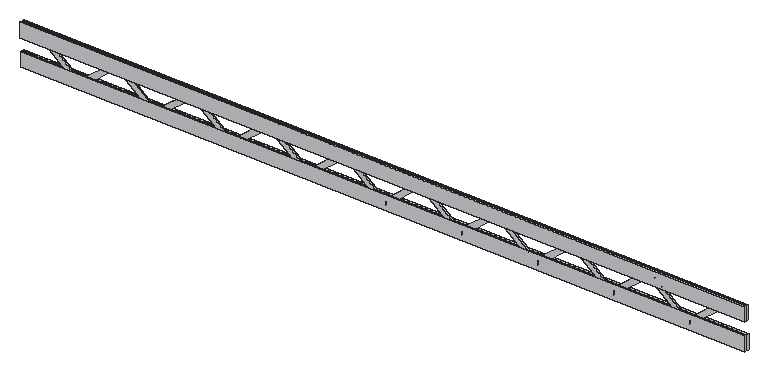
Revit family "bf637bfb5b394520b1abfd568e4736c1", category Structural Framing, Revit 2021
Family settings
  Structural Framing Length Roundoff = 0' - 0 1/16"
  Section Shape = Not Defined
  Material for Model Behavior = Wood
  Always export as geometry = Yes
  OmniClass Number = 23.25.30.21.14.17
  OmniClass Title = Metal-Web Wood Joists
  Seek Item ID = TJS Wood Open Web Joist-0000-USA-ENU
  Always vertical = Yes
  Cut with Voids When Loaded = No
  Symbolic Representation = From Family
  Shared = No
  Show family pre-cut in plan views = Yes
Parameters (values of type "16"")
  Web Thickness = 0' - 1"
  Web Leg = 0' - 2"
  Structural Material = none
  Spacing = 0' - 0 1/2"
  Web Rendering Material = none
  Start Offset [instance] = 0' - 0"
  Top Chord Start Extension [instance] = 0' - 0"
  PanelArrayLength [instance] = Length - (2 * End Panel)  # 22' - 8"
  Depth = 1' - 4"
  PanelWidth [instance] = PanelArrayLength / PanelArrayNum  # 2' - 6.22222"
  PanelArrayNum [instance] = PanelArrayLength / (2 * Depth)  # 9
  Offset Length 2 [instance] = End Panel - End Offset + Bottom Chord End Extension  # 0' - 8"
  Offset Length 1 [instance] = End Panel - Start Offset + Bottom Chord Start Extension  # 0' - 8"
  End Panel [instance] = 0' - 8"
  End Offset [instance] = 0' - 0"
  Top Chord End Extension [instance] = 0' - 0"
  Chord Width = 0' - 1 1/2"
  Chord Depth = 0' - 5 1/2"
  Bottom Chord Start Extension [instance] = 0' - 0"
  Bottom Chord End Extension [instance] = 0' - 0"
  Assembly Code = ""
  Length [instance] = 24' - 0"
Reference planes (in)
  plane 1 "Center (Front/Back)": y = 0
  plane 2: z = 0
  plane 3 "Center (Left/Right)": x = 20.67896
  plane 4 "Member Left": x = -91.52576
  plane 5 "Member Right": x = 140.1815
  plane 6: y = 0.75
  plane 7: y = -0.75
  plane 8: z = 8
  plane 9: z = -8
  plane 10 "Left": x = -123.32104
  plane 11 "Stick Symbol Left": x = -0.97458
  plane 12 "Stick Symbol Right": x = 48.05552
  plane 13 "Right": x = 164.67896
  plane 14: x = -115.32104
  plane 15: x = 156.67896
  plane 16: y = 0.25
  plane 17: y = -0.25
  plane 18: z = 2.5
  plane 19: z = -2.5
  plane 20: z = -7.75
  plane 21: z = 7.75
  plane 22: x = -123.32104
  plane 23: x = 164.67896
  plane 24: x = -123.32104
  plane 25: x = 164.67896
  plane 26: x = 126.45674
  plane 27: x = -123.32104
  plane 28: x = 164.67896
Forms (in)
  Extrusion 1, solid, material <- "Structural Material", detail levels medium+fine
    sketch origin (20.67896, 0, 0) x (0, 1, 0) y (0, 0, 1)
      loop
        line (0.75, 8) -> (0.25, 8) -> (0.25, 2.5) -> (0.75, 2.5) -> (0.75, 8)
      loop
        line (-0.75, 2.5) -> (-0.25, 2.5) -> (-0.25, 8) -> (-0.75, 8) -> (-0.75, 2.5)
    from -144 to 144
  Extrusion 2, solid, material <- "Structural Material", detail levels medium+fine
    sketch origin (20.67896, 0, 0) x (0, 1, 0) y (0, 0, 1)
      loop
        line (0.75, -2.5) -> (0.25, -2.5) -> (0.25, -8) -> (0.75, -8) -> (0.75, -2.5)
      loop
        line (-0.75, -8) -> (-0.25, -8) -> (-0.25, -2.5) -> (-0.75, -2.5) -> (-0.75, -8)
    from -144 to 144
Lines and regions (in)
  symbolic lines, style "StructuralFraming", detail levels coarse
    curve 1: line (0, 0.75, 8) -> (0, 0.25, 8)
    curve 2: line (0, -0.75, -8) -> (0, -0.25, -8)
    curve 14: line (0, 0.75, -8) -> (0, 0.75, -2.5)
    curve 15: line (0, -0.75, -8) -> (0, -0.75, -2.5)
    curve 16: line (0, -0.75, -2.5) -> (0, -0.25, -2.5)
    curve 17: line (0, 0.75, 2.5) -> (0, 0.75, 8)
    curve 18: line (0, -0.75, 2.5) -> (0, -0.75, 8)
    curve 19: line (0, -0.75, 2.5) -> (0, -0.25, 2.5)
    curve 20: line (20.67896, 0, -8) -> (20.67896, 0, 8)
    curve 22: line (0, -0.25, 8) -> (0, -0.75, 8)
    curve 23: line (0, 0.25, 2.5) -> (0, 0.75, 2.5)
    curve 24: line (0, 0.25, 2.5) -> (0, 0.25, 8)
    curve 25: line (0, -0.25, 2.5) -> (0, -0.25, 8)
    curve 26: line (0, 0.25, -2.5) -> (0, 0.75, -2.5)
    curve 27: line (0, 0.25, -8) -> (0, 0.75, -8)
    curve 28: line (0, 0.25, -8) -> (0, 0.25, -2.5)
    curve 29: line (0, -0.25, -8) -> (0, -0.25, -2.5)
  symbolic lines, style "StructuralFraming", detail levels medium
    curve 3: line (0, 0, -2.5) -> (0, 0, 2.5)
  reference lines
    curve 4: line (-0.97458, 0, -12.86251) -> (-0.97458, 0, 11.13749)
    curve 5: line (7.02542, 0, -13.11251) -> (7.02542, 0, 11.13749)
    curve 6: line (48.05552, 0, -10.77905) -> (48.05552, 0, 11.22095)
    curve 7: line (40.05552, 0, -15.77905) -> (40.05552, 0, 11.22095)
  model lines, style "Joist Girder", detail levels coarse
    curve 8: line (40.05552, 0, -8) -> (7.02542, 0, -8)
    curve 9: line (48.05552, 0, 8) -> (-0.97458, 0, 8)
  model lines, style "Web Joist", detail levels coarse
    curve 10: line (7.02542, 0, -8) -> (-0.97458, 0, 8)
    curve 11: line (40.05552, 0, -8) -> (48.05552, 0, 8)
  symbolic lines, detail levels fine
    curve 12: line (20.67896, 0.25, -2.5) -> (20.67896, 0.25, 2.5)
    curve 13: line (20.67896, -0.25, -2.5) -> (20.67896, -0.25, 2.5)
  symbolic lines, detail levels medium
    curve 21: line (20.67896, 0, 7.75) -> (20.67896, 0, -7.75)
Dimensions and locks (in)
  equal spacing: plane 9, plane 2, plane 8
  "Length": plane 10 "Left" to plane 13 "Right"
  equal spacing: plane 10 "Left", plane 3 "Center (Left/Right)", plane 13 "Right"
  "Top Chord Start Extension": curve 4 to plane 11 "Stick Symbol Left"
  "End Panel": curve 5 to curve 4
  "Top Chord End Extension": curve 6 to plane 12 "Stick Symbol Right"
  "End Panel": curve 6 to curve 7
  "Depth": plane 9 to plane 8
  "End Panel": plane 10 "Left" to plane 14
  "End Panel": plane 13 "Right" to plane 15
  "Spacing": plane 16 to plane 17
  equal spacing: plane 16, plane 1 "Center (Front/Back)", plane 17
  locked: plane 20 to plane 9 at 0.25
  locked: plane 8 to plane 21 at 0.25
  "Start Offset": plane 10 "Left" to plane 24
  "Top Chord Start Extension": plane 22 to plane 24
  "End Offset": plane 25 to plane 13 "Right"
  "Top Chord End Extension": plane 25 to plane 23
  "PanelWidth": plane 15 to plane 26
  equal spacing: group 1, group 3, group 4, group 5, group 6, group 7, group 8, group 9, group 2  (x3)
  "Offset Length 1": plane 14 to plane 27
  "Offset Length 2": plane 28 to plane 15
  "Chord Depth": plane 18 to plane 8
  "Chord Depth": plane 9 to plane 19
  "Chord Width": plane 6 to plane 7
  equal spacing: plane 6, plane 1 "Center (Front/Back)", plane 7
  aligned and locked: curve 8 to plane 9
  aligned and locked: curve 9 to plane 8
  aligned and locked: plane 11 "Stick Symbol Left" to curve 9
  aligned and locked: curve 5 to curve 8
  aligned and locked: curve 7 to curve 8
  aligned and locked: plane 12 "Stick Symbol Right" to curve 9
  aligned and locked: plane 22 to Extrusion 1
  aligned and locked: Extrusion 1 to plane 23
  aligned and locked: plane 1 "Center (Front/Back)" to nested 1
  aligned and locked: nested 1 to plane 14
  aligned and locked: plane 9 to nested 1
  aligned and locked: plane 26 to nested 2
  aligned and locked: plane 9 to nested 2
  aligned and locked: Extrusion 2 to plane 27
  aligned and locked: plane 28 to Extrusion 2
  aligned and locked: curve 14 to curve 26
  aligned and locked: curve 15 to curve 16
  aligned and locked: curve 16 to curve 14
  aligned and locked: curve 16 to plane 19
  aligned and locked: plane 6 to curve 14
  aligned and locked: plane 7 to curve 15
  aligned and locked: curve 15 to curve 2
  aligned and locked: curve 27 to curve 14
  aligned and locked: curve 19 to curve 17
  aligned and locked: curve 19 to plane 18
  aligned and locked: plane 6 to curve 17
  aligned and locked: plane 7 to curve 18
  aligned and locked: plane 7 to curve 22
  aligned and locked: curve 1 to curve 18
  aligned and locked: plane 19 to curve 12
  aligned and locked: plane 19 to curve 13
  aligned and locked: plane 18 to curve 12
  aligned and locked: plane 18 to curve 13
  aligned and locked: plane 2 to level
  aligned and locked: plane 8 to Extrusion 1 sketch curve  (x2)
  aligned and locked: Extrusion 1 sketch curve to plane 6
  aligned and locked: Extrusion 1 sketch curve to plane 18  (x2)
  aligned and locked: plane 7 to Extrusion 1 sketch curve
  aligned and locked: curve 14 to Extrusion 2 sketch curve
  aligned and locked: Extrusion 2 sketch curve to curve 26
  aligned and locked: Extrusion 2 sketch curve to curve 2
  aligned and locked: Extrusion 2 sketch curve to curve 15
  aligned and locked: plane 1 "Center (Front/Back)" to curve 20
  aligned and locked: plane 8 to curve 1
  aligned and locked: curve 21 to plane 1 "Center (Front/Back)"
  aligned and locked: plane 18 to curve 3
  aligned and locked: plane 19 to curve 3
  aligned and locked: Extrusion 1 sketch curve to plane 16
  aligned and locked: Extrusion 1 sketch curve to plane 17
  aligned and locked: plane 16 to Extrusion 2 sketch curve
  aligned and locked: plane 17 to Extrusion 2 sketch curve
  aligned and locked: plane 19 to Extrusion 2 sketch curve
  aligned and locked: Extrusion 2 sketch curve to plane 9
  aligned and locked: curve 1 to plane 16
  aligned and locked: plane 8 to curve 24
  aligned and locked: plane 18 to curve 24
  aligned and locked: curve 24 to plane 16
  aligned and locked: plane 8 to curve 25
  aligned and locked: plane 18 to curve 25
  aligned and locked: plane 17 to curve 19
  aligned and locked: curve 22 to plane 17
  aligned and locked: plane 8 to curve 20
  aligned and locked: plane 9 to curve 20
  aligned and locked: plane 16 to curve 27
  aligned and locked: plane 16 to curve 26
  aligned and locked: plane 17 to curve 2
  aligned and locked: plane 17 to curve 16
  aligned and locked: plane 19 to curve 28
  aligned and locked: plane 9 to curve 28
  aligned and locked: plane 19 to curve 29
  aligned and locked: plane 9 to curve 29
  aligned and locked: curve 28 to plane 16
  aligned and locked: curve 29 to plane 17
  aligned and locked: plane 21 to curve 21
  aligned and locked: plane 20 to curve 21
Automatic sketch dimensions
  plane 9 to curve 7 = 0' - 7.77905"
  plane 9 to curve 5 = 0' - 5.11251"
  plane 9 to curve 4 = 0' - 4.86251"
  plane 9 to curve 6 = 0' - 2.77905"
  curve 5 to plane 8 = 0' - 3.13749"
  curve 4 to plane 8 = 0' - 3.13749"
  curve 7 to plane 8 = 0' - 3.22095"
  curve 6 to plane 8 = 0' - 3.22095"
  plane 9 to curve 15 = 0' - 0"
  plane 9 to curve 14 = 0' - 0"
  curve 2 to plane 7 = 0' - 0"
  curve 13 to plane 17 = 0' - 0"
  curve 3 to plane 1 "Center (Front/Back)" = 0' - 0"
  curve 12 to plane 16 = 0' - 0"
  plane 9 to curve 27 = 0' - 0"
Nested families (in)
  nested 1: "Web" at (-115.32104, 0, 0), type "Web"
    with Web Thickness 0' - 0 1/2", Thickness 0' - 1", PanelHeight 1' - 4", PanelWidth 2' - 6.22222", Chord Offset 0' - 2 3/4", Chord Depth 0' - 5 1/2"
  nested 2: "Web" at (126.45674, 0, 0), type "Web"
    with Web Thickness 0' - 0 1/2", Thickness 0' - 1", PanelHeight 1' - 4", PanelWidth 2' - 6.22222", Chord Offset 0' - 2 3/4", Chord Depth 0' - 5 1/2"
  nested 3: "Web" at (-85.09882, 0, 0), type "Web"
    with Web Thickness 0' - 0 1/2", Thickness 0' - 1", PanelHeight 1' - 4", PanelWidth 2' - 6.22222", Chord Offset 0' - 2 3/4", Chord Depth 0' - 5 1/2"
  nested 4: "Web" at (-54.87659, 0, 0), type "Web"
    with Web Thickness 0' - 0 1/2", Thickness 0' - 1", PanelHeight 1' - 4", PanelWidth 2' - 6.22222", Chord Offset 0' - 2 3/4", Chord Depth 0' - 5 1/2"
  nested 5: "Web" at (-24.65437, 0, 0), type "Web"
    with Web Thickness 0' - 0 1/2", Thickness 0' - 1", PanelHeight 1' - 4", PanelWidth 2' - 6.22222", Chord Offset 0' - 2 3/4", Chord Depth 0' - 5 1/2"
  nested 6: "Web" at (5.56785, 0, 0), type "Web"
    with Web Thickness 0' - 0 1/2", Thickness 0' - 1", PanelHeight 1' - 4", PanelWidth 2' - 6.22222", Chord Offset 0' - 2 3/4", Chord Depth 0' - 5 1/2"
  nested 7: "Web" at (35.79007, 0, 0), type "Web"
    with Web Thickness 0' - 0 1/2", Thickness 0' - 1", PanelHeight 1' - 4", PanelWidth 2' - 6.22222", Chord Offset 0' - 2 3/4", Chord Depth 0' - 5 1/2"
  nested 8: "Web" at (66.01229, 0, 0), type "Web"
    with Web Thickness 0' - 0 1/2", Thickness 0' - 1", PanelHeight 1' - 4", PanelWidth 2' - 6.22222", Chord Offset 0' - 2 3/4", Chord Depth 0' - 5 1/2"
  nested 9: "Web" at (96.23452, 0, 0), type "Web"
    with Web Thickness 0' - 0 1/2", Thickness 0' - 1", PanelHeight 1' - 4", PanelWidth 2' - 6.22222", Chord Offset 0' - 2 3/4", Chord Depth 0' - 5 1/2"
Definition of nested family "Web"
  Parameters
    WebMaterial = none
    Web Thickness = Thickness / 2  # 0' - 1"
    Web Offset = Web Leg / 2  # 0' - 1"
    Web Leg = 0' - 2"
    Thickness = 0' - 2"
    PanelHeight = 0' - 7 7/8"
    PanelWidth = 1' - 2 5/8"
    Chord Offset = Chord Depth / 2  # 0' - 1 1/2"
    Chord Depth = 0' - 3"
    Assembly Code = ""
  Reference planes (in)
    plane 1 "Center (Front/Back)": y = 0
    plane 2: z = 0
    plane 3 "Center (Left/Right)": x = 0
    plane 4: x = 14.625
    plane 5: x = 7.3125
    plane 6: z = -3.9375
    plane 7: z = 2.4375
    plane 8: z = 3.9375
    plane 9: y = -1
    plane 10: y = 1
    plane 11: z = 1.4375
    plane 12: z = -1.4375
    plane 13: z = -2.4375
  Forms (in)
    Sweep 1, solid, material <- "WebMaterial", detail levels fine
      path in 3D
        loop
          line (0, 0, 2.4375) -> (1, 0, 2.4375) -> (6.3125, 0, -2.4375) -> (8.3125, 0, -2.4375)
      profile origin (0.5, 0, 2.4375) x (0, 0, 1) y (0, -1, 0)
        loop
          line (1, 0) -> (1, 1) -> (-1, 1) -> (-1, 0) -> (1, 0)
    Sweep 2, solid, material <- "WebMaterial", detail levels fine
      path in 3D
        loop
          line (14.625, 0, 2.4375) -> (13.625, 0, 2.4375) -> (8.3125, 0, -2.4375) -> (6.3125, 0, -2.4375)
      profile origin (14.125, 0, 2.4375) x (0, 0, -1) y (0, -1, 0)
        loop
          line (-1, -1) -> (1, -1) -> (1, 0) -> (-1, 0) -> (-1, -1)
  Lines and regions (in)
    model lines
      curve 1: line (0, 0, -3.9375) -> (0, 0, 3.9375)
      curve 2: line (0, 0, 3.9375) -> (14.625, 0, 3.9375)
      curve 3: line (14.625, 0, 3.9375) -> (14.625, 0, -3.9375)
      curve 4: line (14.625, 0, -3.9375) -> (0, 0, -3.9375)
    model lines, detail levels medium
      curve 5: line (6.3125, 0, -2.4375) -> (8.3125, 0, -2.4375)
      curve 6: line (0, 0, 2.4375) -> (1, 0, 2.4375)
      curve 7: line (14.625, 0, 2.4375) -> (13.625, 0, 2.4375)
      curve 8: line (1, 0, 2.4375) -> (6.3125, 0, -2.4375)
      curve 9: line (8.3125, 0, -2.4375) -> (13.625, 0, 2.4375)
    sketch lines
      curve 10: line (0, 0, 2.4375) -> (1, 0, 2.4375)
      curve 11: line (1, 0, 2.4375) -> (6.3125, 0, -2.4375)
      curve 12: line (6.3125, 0, -2.4375) -> (8.3125, 0, -2.4375)
      curve 13: line (14.625, 0, 2.4375) -> (13.625, 0, 2.4375)
      curve 14: line (8.3125, 0, -2.4375) -> (13.625, 0, 2.4375)
      curve 15: line (6.3125, 0, -2.4375) -> (8.3125, 0, -2.4375)
  Dimensions and locks (in)
    "PanelWidth": plane 4 to plane 3 "Center (Left/Right)"
    equal spacing: plane 4, plane 5, plane 3 "Center (Left/Right)"
    "Chord Offset": plane 8 to plane 7
    "PanelHeight": plane 8 to plane 6
    equal spacing: plane 8, plane 2, plane 6
    "Thickness": plane 10 to plane 9
    equal spacing: plane 10, plane 1 "Center (Front/Back)", plane 9
    locked: plane 8 to plane 11 at 2.5
    plane 12 to plane 6 = 0' - 2 1/2"
    "Chord Offset": plane 13 to plane 6
    "Web Offset": curve 6 to curve 6
    "Web Leg": Sweep 2 sketch curve to Sweep 2 sketch curve
    equal spacing: Sweep 1 sketch curve, plane 7, Sweep 1 sketch curve
    equal spacing: Sweep 2 sketch curve, profile plane, Sweep 2 sketch curve
    "Web Offset": curve 7 to curve 3
    "Web Leg": Sweep 1 sketch curve to Sweep 1 sketch curve
    aligned and locked: plane 8 to curve 2
    aligned and locked: plane 7 to curve 6
    aligned and locked: plane 3 "Center (Left/Right)" to curve 6
    aligned and locked: curve 5 to plane 13
    aligned and locked: plane 9 to Sweep 1 sketch curve
    aligned and locked: plane 1 "Center (Front/Back)" to Sweep 1 sketch curve
    aligned and locked: Sweep 2 sketch curve to profile plane
    aligned and locked: Sweep 2 sketch curve to plane 10
    aligned and locked: curve 7 to plane 7
    aligned and locked: curve 4 to plane 6
    aligned and locked: plane 4 to curve 3
  Automatic sketch dimensions
    curve 5 to plane 5 = 0' - 1"
    plane 5 to curve 5 = 0' - 1"
